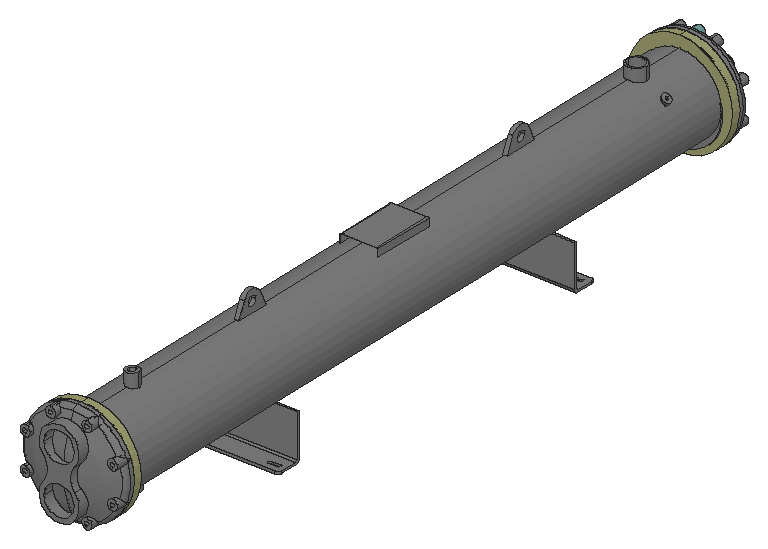
Revit family "MIT-BCM_220_4P", category Specialty Equipment, Revit 2022
Family settings
  Round Connector Dimension = Use Radius
  Part Type = Normal
  Work Plane-Based = No
  Always vertical = Yes
  Cut with Voids When Loaded = No
  Maintain Annotation Orientation = No
  Shared = No
  Room Calculation Point = No
Parameters
  URL = "https://en.ekinendustriyel.com/evaporators-and-condensers"
  Test Pressure = 64.35 bar
  Production Standard = "TS EN 13831"
  Operating Pressure = 45.0 bar
  Model = "MIT-BCM 220_4P"
  Manufacturer = "Ekin Endüstriyel"
  Keynote = "Condensers"
  Description = "MIT- Condensers"
  Default Elevation = 0 mm
Reference planes
  plane 1 "Center (Front/Back)": y = 0
  plane 2: z = 0
  plane 3 "Center (Left/Right)": x = 0
Forms (mm)
  Extrusion 1, solid, material "Ekin Endustriyel-S235JR"
    sketch origin (0, 0, 0) x (1, 0, 0) y (0, 0, 1)
      loop
        circle (0, 177) r 96.85
    from -880 to 880
  Extrusion 2, solid, material "Ekin Endustriyel-S235JR", detail levels fine
    sketch origin (0, 0, 27.398) x (1, 0, 0) y (0, 0, 1)
      loop
        line (-45, 235.88) -> (-44, 235.88) -> (-44, 252.88)
        arc (-44, 252.88) -> (-43.414, 254.294) -> (-42, 254.88) r 2
        line (-42, 254.88) -> (42, 254.88)
        arc (42, 254.88) -> (43.414, 254.294) -> (44, 252.88) r 2
        line (44, 252.88) -> (44, 235.88) -> (45, 235.88) -> (45, 252.88)
        arc (45, 252.88) -> (44.121, 255.002) -> (42, 255.88) r 3
        line (42, 255.88) -> (-42, 255.88)
        arc (-42, 255.88) -> (-44.121, 255.002) -> (-45, 252.88) r 3
        line (-45, 252.88) -> (-45, 235.88)
    from -75 to 75
  Extrusion 3, solid, material "Ekin Endustriyel-S235JR", detail levels fine
    sketch origin (0, 500.19, 0) x (1, 0, 0) y (0, 1, 0)
      loop
        circle (0, 249.81) r 23.75
      loop
        circle (0, 249.81) r 19.959
    from 300.429 to 204.31
  Extrusion 4, solid, material "Ekin Endustriyel-S235JR", detail levels fine
    sketch origin (0, -499.666, 25.55) x (1, 0, 0) y (0, 1, 0)
      loop
        circle (0.015, -250.334) r 15.25
      loop
        circle (0.015, -250.334) r 8.928
    from 278.3 to 211.07
  Extrusion 5, solid, material "Ekin Endustriyel-S235JR", detail levels fine
    sketch origin (71.72, 749.856, 235.87) x (0, 1, 0) y (-0.707107, 0, 0.707107)
      loop
        circle (0.144, 9.086) r 11
      loop
        circle (0.144, 9.086) r 4.56
    from 9.086 to -32.02
  Extrusion 6, solid, material "Ekin Endustriyel-S235JR", detail levels fine
    sketch origin (0, -500.291, 0) x (1, 0, 0) y (0, 1, 0)
      loop
        circle (0, -249.709) r 20.25
      loop
        circle (0, -249.709) r 14.491
    from 51.131 to 169.15
  Extrusion 7, solid, material "Ekin Endustriyel-S235JR", detail levels medium+fine
    sketch origin (0, 1180.334, 0) x (1, 0, 0) y (0, 0, 1)
      loop
        circle (0, 164.15) r 100
    from 280.334 to 300.334
  Extrusion 8, solid, material "Ekin Endustriyel-AISI316L", detail levels medium+fine
    sketch origin (0, 549.666, 0) x (1, 0, 0) y (0, 0, -1)
      loop
        circle (0, -177) r 125
    from 330.334 to 350.334
  Revolve 9, solid, material "Ekin Endustriyel-S235JR", detail levels medium+fine
    sketch origin (0, 549.666, 0) x (0, -1, 0) y (0, 0, -1)
      loop
        line (-350.334, -301.755) -> (-350.334, -177.003) -> (-403.289, -177.003)
        arc (-403.289, -177.003) -> (-395.664, -237.012) -> (-374.553, -293.699) r 263.464
        arc (-374.553, -293.699) -> (-369.114, -299.581) -> (-361.403, -301.755) r 14.761
        line (-361.403, -301.755) -> (-350.334, -301.755)
      axis (-350.334, -177.003) -> (-403.289, -177.003)
    angle from 0 to 360
  Extrusion 10, solid, material "Ekin Endustriyel-S235JR", detail levels coarse
    sketch origin (0, 0, 0) x (1, 0, 0) y (0, 0, 1)
      loop
        circle (0, 177) r 125
    from -957 to 966.924
  Extrusion 11, solid, material "Ekin Endustriyel-S235JR"
    sketch origin (0, 275.334, 0) x (0, 1, 0) y (0, 0, 1)
      loop
        arc (134.666, 9) -> (137.302, 2.636) -> (143.666, 0) r 9
        line (143.666, 0) -> (194.666, 0) -> (194.666, 5) -> (143.666, 5)
        arc (143.666, 5) -> (140.837, 6.172) -> (139.666, 9) r 4
        line (139.666, 9) -> (139.666, 110) -> (134.666, 110) -> (134.666, 9)
    from -125 to 125
  Extrusion 12, void
    sketch origin (0, 470, 5) x (0, -1, 0) y (1, 0, 0)
      loop
        line (25.25, 88.5) -> (25.25, 108.5)
        arc (25.25, 108.5) -> (20, 113.75) -> (14.75, 108.5) r 5.25
        line (14.75, 108.5) -> (14.75, 88.5)
        arc (14.75, 88.5) -> (20, 83.25) -> (25.25, 88.5) r 5.25
      loop
        line (10, 125) -> (-10, 125) -> (-10, -125) -> (10, -125)
        arc (10, -125) -> (2.929, -122.071) -> (0, -115) r 10
        line (0, -115) -> (0, 115)
        arc (0, 115) -> (2.929, 122.071) -> (10, 125) r 10
      loop
        arc (14.75, -108.5) -> (20, -113.75) -> (25.25, -108.5) r 5.25
        line (25.25, -108.5) -> (25.25, -88.5)
        arc (25.25, -88.5) -> (20, -83.25) -> (14.75, -88.5) r 5.25
        line (14.75, -88.5) -> (14.75, -108.5)
    from -5 to 0
  Extrusion 13, solid, material "Ekin Endustriyel-S235JR"
    sketch origin (0, -275.334, 0) x (0, -1, 0) y (0, 0, -1)
      loop
        line (134.666, -9) -> (134.666, -110) -> (139.666, -110) -> (139.666, -9)
        arc (139.666, -9) -> (140.837, -6.172) -> (143.666, -5) r 4
        line (143.666, -5) -> (194.666, -5) -> (194.666, 0) -> (143.666, 0)
        arc (143.666, 0) -> (137.302, -2.636) -> (134.666, -9) r 9
    from -125 to 125
  Extrusion 14, void
    sketch origin (0, -470, 5) x (0, 1, 0) y (-1, 0, 0)
      loop
        arc (25.25, -88.5) -> (20, -83.25) -> (14.75, -88.5) r 5.25
        line (14.75, -88.5) -> (14.75, -108.5)
        arc (14.75, -108.5) -> (20, -113.75) -> (25.25, -108.5) r 5.25
        line (25.25, -108.5) -> (25.25, -88.5)
      loop
        arc (10, -125) -> (2.929, -122.071) -> (0, -115) r 10
        line (0, -115) -> (0, 115)
        arc (0, 115) -> (2.929, 122.071) -> (10, 125) r 10
        line (10, 125) -> (-10, 125) -> (-10, -125) -> (10, -125)
      loop
        line (14.75, 108.5) -> (14.75, 88.5)
        arc (14.75, 88.5) -> (20, 83.25) -> (25.25, 88.5) r 5.25
        line (25.25, 88.5) -> (25.25, 108.5)
        arc (25.25, 108.5) -> (20, 113.75) -> (14.75, 108.5) r 5.25
    from -5 to 0
  Extrusion 15, solid, material "Ekin Endustriyel-S235JR", detail levels medium+fine
    sketch origin (40, -549.666, 0) x (1, 0, 0) y (0, 0, 1)
      loop
        circle (-40, 234.5) r 36.3
      loop
        circle (-40, 119.5) r 36.3
      loop
        arc (-3.858, 150.013) -> (-12.768, 177) -> (-3.858, 203.987) r 45.323
        arc (-3.858, 203.987) -> (-40, 281.8) -> (-76.142, 203.987) r 47.3
        arc (-76.142, 203.987) -> (-67.232, 177) -> (-76.142, 150.013) r 45.323
        arc (-76.142, 150.013) -> (-40, 72.2) -> (-3.858, 150.013) r 47.3
    from 390.526 to 417.259
  Extrusion 16, solid, material "Ekin Endustriyel-Zinc", detail levels medium+fine
    sketch origin (0, 550.334, 0) x (1, 0, 0) y (0, 0, 1)
      loop
        circle (0.148, 285.985) r 12.497
      loop
        circle (0.148, 285.985) r 5.497
    from -387.666 to -367.889
  Extrusion 17, solid, material "Ekin Endustriyel-S235JR", detail levels medium+fine
    sketch origin (0, -549.666, 0) x (1, 0, 0) y (0, 0, -1)
      loop
        circle (-43.117, -280.877) r 12
      loop
        circle (-43.117, -280.877) r 5.497
      loop
        circle (43.117, -280.877) r 12
      loop
        circle (43.117, -280.877) r 5.497
      loop
        circle (104.001, -219.992) r 12
      loop
        circle (104.001, -219.992) r 5.497
      loop
        circle (104.001, -134.055) r 12
      loop
        circle (104.001, -134.055) r 5.497
      loop
        circle (43.282, -73.179) r 12
      loop
        circle (43.282, -73.179) r 5.497
      loop
        circle (-104.001, -219.992) r 12
      loop
        circle (-104.001, -219.992) r 5.497
      loop
        circle (-104.001, -134.055) r 12
      loop
        circle (-104.001, -134.055) r 5.497
      loop
        circle (-43.282, -73.179) r 12
      loop
        circle (-43.282, -73.179) r 5.497
    from -388.334 to -355.334
  Extrusion 18, solid, material "Ekin Endustriyel-S235JR", detail levels fine
    sketch origin (0, -0.334, 0) x (0, -1, 0) y (0, 0, -1)
      loop
        line (-440.334, -273.721) -> (-422.806, -309.676)
        arc (-422.806, -309.676) -> (-400.334, -323.721) -> (-377.863, -309.676) r 25
        line (-377.863, -309.676) -> (-360.334, -273.721) -> (-440.334, -273.721)
      loop
        circle (-400.334, -298.721) r 12.5
      loop
        line (439.666, -273.721) -> (359.666, -273.721) -> (377.194, -309.676)
        arc (377.194, -309.676) -> (399.666, -323.721) -> (422.137, -309.676) r 25
        line (422.137, -309.676) -> (439.666, -273.721)
      loop
        circle (399.666, -298.721) r 12.5
    from -5 to 5
  Extrusion 19, solid, material "Ekin Endustriyel-S235JR", detail levels medium+fine
    sketch origin (-164.15, 550.334, 164.15) x (0, 0, -1) y (1, 0, 0)
      loop
        circle (-60.178, 211.509) r 20
      loop
        circle (34.988, 116.302) r 17
    from -406.666 to -351.666
  Extrusion 20, solid, material "Ekin Endustriyel-AISI316L", detail levels medium+fine
    sketch origin (0, -549.666, 0) x (1, 0, 0) y (0, 0, 1)
      loop
        circle (0, 177) r 125
    from 330.334 to 350.334
  Revolve 21, solid, material "Ekin Endustriyel-S235JR", detail levels medium+fine
    sketch origin (0, -549.666, 0) x (0, 1, 0) y (0, 0, 1)
      loop
        line (-350.334, 301.755) -> (-361.403, 301.755)
        arc (-361.403, 301.755) -> (-369.114, 299.581) -> (-374.553, 293.699) r 14.761
        arc (-374.553, 293.699) -> (-395.664, 237.012) -> (-403.289, 177.003) r 263.464
        line (-403.289, 177.003) -> (-350.334, 177.003) -> (-350.334, 301.755)
      axis (-350.334, 177.003) -> (-403.289, 177.003)
    angle from 0 to 360
  Extrusion 22, solid, material "Ekin Endustriyel-S235JR", detail levels medium+fine
    sketch origin (0, 550.334, 0) x (1, 0, 0) y (0, 0, 1)
      loop
        circle (-43.117, 280.877) r 12
      loop
        circle (-43.117, 280.877) r 5.497
      loop
        circle (43.117, 280.877) r 12
      loop
        circle (43.117, 280.877) r 5.497
      loop
        circle (104.001, 219.992) r 12
      loop
        circle (104.001, 219.992) r 5.497
      loop
        circle (104.001, 134.055) r 12
      loop
        circle (104.001, 134.055) r 5.497
      loop
        circle (43.282, 73.179) r 12
      loop
        circle (43.282, 73.179) r 5.497
      loop
        circle (-104.001, 219.992) r 12
      loop
        circle (-104.001, 219.992) r 5.497
      loop
        circle (-104.001, 134.055) r 12
      loop
        circle (-104.001, 134.055) r 5.497
      loop
        circle (-43.282, 73.179) r 12
      loop
        circle (-43.282, 73.179) r 5.497
      loop
        circle (0.148, 67.765) r 12.497
      loop
        circle (0.148, 67.765) r 5.497
    from -387.666 to -367.889
Cuts and joins
  Extrusion 12, Extrusion 14 cuts Extrusion 11
  Extrusion 14 cuts Extrusion 13
  joined: Extrusion 1, Extrusion 11, Extrusion 13
Dimensions and locks
  aligned and locked: level to plane 2
Connectors
  piping at (0, -966.924, 234.5), diameter 63.6
    settings: on Extrusion 15, index 1, connector inside diameter 609.6 mm, connector length 0 mm, flow factor 0, pipe flow 0.0 L/s, pressure drop 0.0 Pa, fitting loss kfactor 0, connector angle 0.00°, fixture units 0, engagement length 0 mm, angle of deflection 0.00°, flow configuration 0, flow direction 1, fitting loss method 0, system type 7, joint type 0, gender type 0, connector reference index -1, connector utility 0, adjustable connector no, is connector primary yes, connector description ""
  piping at (0, -966.924, 119.5), diameter 63.6
    settings: on Extrusion 15, index 2, connector inside diameter 609.6 mm, connector length 0 mm, flow factor 0, pipe flow 0.0 L/s, pressure drop 0.0 Pa, fitting loss kfactor 0, connector angle 0.00°, fixture units 0, engagement length 0 mm, angle of deflection 0.00°, flow configuration 0, flow direction 2, fitting loss method 0, system type 7, joint type 0, gender type 0, connector reference index -1, connector utility 0, adjustable connector no, is connector primary no, connector description ""
  hvac at (0, 750, 300.429)
    settings: on Extrusion 3, index 3, duct flow 0.0 L/s, flow factor 0, pres drop 0.0 bar, loss coef 0, conn angle 0.00°, conn width 304.8 mm, conn height 304.8 mm, conn diameter 42 mm, duct sys type 3, conn prof type 0, flow config 0, flow direction 0, loss method 0, conn ref index -1, conn util no, is conn primary yes, conn desc ""
  hvac at (0, -750, 51.131)
    settings: on Extrusion 6, index 4, duct flow 0.0 L/s, flow factor 0, pres drop 0.0 bar, loss coef 0, conn angle 0.00°, conn width 304.8 mm, conn height 304.8 mm, conn diameter 35 mm, duct sys type 3, conn prof type 0, flow config 0, flow direction 0, loss method 0, conn ref index -1, conn util no, is conn primary no, conn desc ""
